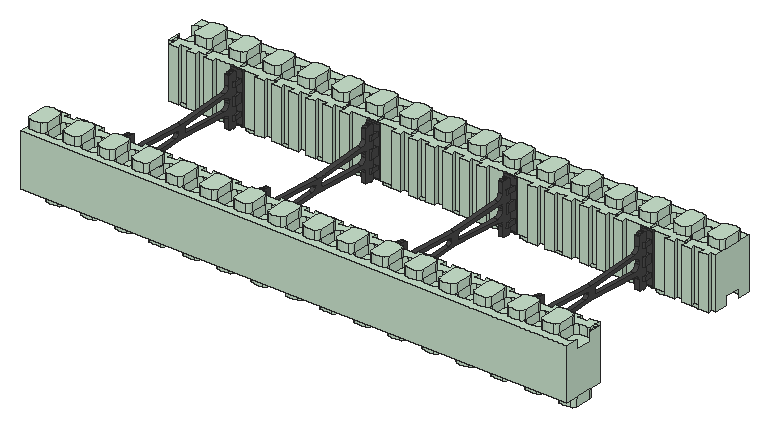
Revit family
Reference planes
  plane 1 "Center (Front/Back)": y = 0
  plane 2: z = 0
  plane 3 "Center (Left/Right)": x = 0
Forms (mm)
  Extrusion 1, solid, material "NUDURA Expanded Polystyrene Foam Insulation"
    sketch origin (0, 0.213, 0) x (1, 0, 0) y (0, 1, 0)
      loop
        line (0, 60.325) -> (0, 0) -> (812.8, 0) -> (812.8, 60.325) -> (805.658, 60.325) -> (807.242, 66.675) -> (792.958, 66.675) -> (794.542, 60.325) -> (780.258, 60.325) -> (781.842, 66.675) -> (767.558, 66.675) -> (769.142, 60.325) -> (754.858, 60.325) -> (756.442, 66.675) -> (742.158, 66.675) -> (743.742, 60.325) -> (678.658, 60.325) -> (680.242, 66.675) -> (665.958, 66.675) -> (667.542, 60.325) -> (653.258, 60.325) -> (654.842, 66.675) -> (640.558, 66.675) -> (642.142, 60.325) -> (627.858, 60.325) -> (629.442, 66.675) -> (615.158, 66.675) -> (616.742, 60.325) -> (602.458, 60.325) -> (604.042, 66.675) -> (589.758, 66.675) -> (591.342, 60.325) -> (577.058, 60.325) -> (578.642, 66.675) -> (564.358, 66.675) -> (565.942, 60.325) -> (551.658, 60.325) -> (553.242, 66.675) -> (538.958, 66.675) -> (540.542, 60.325) -> (475.458, 60.325) -> (477.042, 66.675) -> (462.758, 66.675) -> (464.342, 60.325) -> (450.058, 60.325) -> (451.642, 66.675) -> (437.358, 66.675) -> (438.942, 60.325) -> (424.658, 60.325) -> (426.242, 66.675) -> (411.958, 66.675) -> (413.542, 60.325) -> (399.258, 60.325) -> (400.842, 66.675) -> (386.558, 66.675) -> (388.142, 60.325) -> (373.858, 60.325) -> (375.442, 66.675) -> (361.158, 66.675) -> (362.742, 60.325) -> (348.458, 60.325) -> (350.042, 66.675) -> (335.758, 66.675) -> (337.342, 60.325) -> (272.258, 60.325) -> (273.842, 66.675) -> (259.558, 66.675) -> (261.142, 60.325) -> (246.858, 60.325) -> (248.442, 66.675) -> (234.158, 66.675) -> (235.742, 60.325) -> (221.458, 60.325) -> (223.042, 66.675) -> (208.758, 66.675) -> (210.342, 60.325) -> (196.058, 60.325) -> (197.642, 66.675) -> (183.358, 66.675) -> (184.942, 60.325) -> (170.658, 60.325) -> (172.242, 66.675) -> (157.958, 66.675) -> (159.542, 60.325) -> (145.258, 60.325) -> (146.842, 66.675) -> (132.558, 66.675) -> (134.142, 60.325) -> (69.058, 60.325) -> (70.642, 66.675) -> (56.358, 66.675) -> (57.942, 60.325) -> (43.658, 60.325) -> (45.242, 66.675) -> (30.958, 66.675) -> (32.542, 60.325) -> (18.258, 60.325) -> (19.842, 66.675) -> (5.558, 66.675) -> (7.142, 60.325) -> (0, 60.325)
      loop
        line (0, 276.225) -> (7.142, 276.225) -> (5.558, 269.875) -> (19.842, 269.875) -> (18.258, 276.225) -> (32.542, 276.225) -> (30.958, 269.875) -> (45.242, 269.875) -> (43.658, 276.225) -> (57.942, 276.225) -> (56.358, 269.875) -> (70.642, 269.875) -> (69.058, 276.225) -> (134.142, 276.225) -> (132.558, 269.875) -> (146.842, 269.875) -> (145.258, 276.225) -> (159.542, 276.225) -> (157.958, 269.875) -> (172.242, 269.875) -> (170.658, 276.225) -> (184.942, 276.225) -> (183.358, 269.875) -> (197.642, 269.875) -> (196.058, 276.225) -> (210.342, 276.225) -> (208.758, 269.875) -> (223.042, 269.875) -> (221.458, 276.225) -> (235.742, 276.225) -> (234.158, 269.875) -> (248.442, 269.875) -> (246.858, 276.225) -> (261.142, 276.225) -> (259.558, 269.875) -> (273.842, 269.875) -> (272.258, 276.225) -> (337.342, 276.225) -> (335.758, 269.875) -> (350.042, 269.875) -> (348.458, 276.225) -> (362.742, 276.225) -> (361.158, 269.875) -> (375.442, 269.875) -> (373.858, 276.225) -> (388.142, 276.225) -> (386.558, 269.875) -> (400.842, 269.875) -> (399.258, 276.225) -> (413.542, 276.225) -> (411.958, 269.875) -> (426.242, 269.875) -> (424.658, 276.225) -> (438.942, 276.225) -> (437.358, 269.875) -> (451.642, 269.875) -> (450.058, 276.225) -> (464.342, 276.225) -> (462.758, 269.875) -> (477.042, 269.875) -> (475.458, 276.225) -> (540.542, 276.225) -> (538.958, 269.875) -> (553.242, 269.875) -> (551.658, 276.225) -> (565.942, 276.225) -> (564.358, 269.875) -> (578.642, 269.875) -> (577.058, 276.225) -> (591.342, 276.225) -> (589.758, 269.875) -> (604.042, 269.875) -> (602.458, 276.225) -> (616.742, 276.225) -> (615.158, 269.875) -> (629.442, 269.875) -> (627.858, 276.225) -> (642.142, 276.225) -> (640.558, 269.875) -> (654.842, 269.875) -> (653.258, 276.225) -> (667.542, 276.225) -> (665.958, 269.875) -> (680.242, 269.875) -> (678.658, 276.225) -> (743.742, 276.225) -> (742.158, 269.875) -> (756.442, 269.875) -> (754.858, 276.225) -> (769.142, 276.225) -> (767.558, 269.875) -> (781.842, 269.875) -> (780.258, 276.225) -> (794.542, 276.225) -> (792.958, 269.875) -> (807.242, 269.875) -> (805.658, 276.225) -> (812.8, 276.225) -> (812.8, 336.55) -> (0, 336.55) -> (0, 276.225)
    from 0 to 76.2
  Extrusion 2, void
    sketch origin (0, 0.213, 0) x (1, 0, 0) y (0, 1, 0)
      loop
        line (44.346, 56.046) -> (44.346, 50.418)
        arc (44.346, 50.418) -> (43.786, 49.207) -> (42.5, 48.851) r 1.587
        arc (42.5, 48.851) -> (36.091, 49.138) -> (29.796, 47.903) r 26.987
        arc (29.796, 47.903) -> (26.615, 45.597) -> (25.4, 41.861) r 6.35
        line (25.4, 41.861) -> (25.4, 18.464)
        arc (25.4, 18.464) -> (26.615, 14.728) -> (29.796, 12.422) r 6.35
        arc (29.796, 12.422) -> (38.1, 11.112) -> (46.404, 12.422) r 26.987
        arc (46.404, 12.422) -> (49.585, 14.728) -> (50.8, 18.464) r 6.35
        line (50.8, 18.464) -> (50.8, 41.861)
        arc (50.8, 41.861) -> (50.362, 44.179) -> (49.108, 46.177) r 6.35
        arc (49.108, 46.177) -> (48.795, 46.676) -> (48.685, 47.255) r 1.588
        line (48.685, 47.255) -> (48.685, 56.046) -> (44.346, 56.046)
    from 76.2 to 63.5
  Extrusion 3, void
    sketch origin (50.8, 0.213, 0) x (1, 0, 0) y (0, 1, 0)
      loop
        line (44.346, 56.046) -> (44.346, 50.418)
        arc (44.346, 50.418) -> (43.786, 49.207) -> (42.5, 48.851) r 1.587
        arc (42.5, 48.851) -> (36.091, 49.138) -> (29.796, 47.903) r 26.987
        arc (29.796, 47.903) -> (26.615, 45.597) -> (25.4, 41.861) r 6.35
        line (25.4, 41.861) -> (25.4, 18.464)
        arc (25.4, 18.464) -> (26.615, 14.728) -> (29.796, 12.422) r 6.35
        arc (29.796, 12.422) -> (38.1, 11.112) -> (46.404, 12.422) r 26.987
        arc (46.404, 12.422) -> (49.585, 14.728) -> (50.8, 18.464) r 6.35
        line (50.8, 18.464) -> (50.8, 41.861)
        arc (50.8, 41.861) -> (50.362, 44.179) -> (49.108, 46.177) r 6.35
        arc (49.108, 46.177) -> (48.795, 46.676) -> (48.685, 47.255) r 1.588
        line (48.685, 47.255) -> (48.685, 56.046) -> (44.346, 56.046)
    from 76.2 to 63.5
  Extrusion 4, void
    sketch origin (101.6, 0.213, 0) x (1, 0, 0) y (0, 1, 0)
      loop
        line (44.346, 56.046) -> (44.346, 50.418)
        arc (44.346, 50.418) -> (43.786, 49.207) -> (42.5, 48.851) r 1.587
        arc (42.5, 48.851) -> (36.091, 49.138) -> (29.796, 47.903) r 26.987
        arc (29.796, 47.903) -> (26.615, 45.597) -> (25.4, 41.861) r 6.35
        line (25.4, 41.861) -> (25.4, 18.464)
        arc (25.4, 18.464) -> (26.615, 14.728) -> (29.796, 12.422) r 6.35
        arc (29.796, 12.422) -> (38.1, 11.112) -> (46.404, 12.422) r 26.987
        arc (46.404, 12.422) -> (49.585, 14.728) -> (50.8, 18.464) r 6.35
        line (50.8, 18.464) -> (50.8, 41.861)
        arc (50.8, 41.861) -> (50.362, 44.179) -> (49.108, 46.177) r 6.35
        arc (49.108, 46.177) -> (48.795, 46.676) -> (48.685, 47.255) r 1.588
        line (48.685, 47.255) -> (48.685, 56.046) -> (44.346, 56.046)
    from 76.2 to 63.5
  Extrusion 5, void
    sketch origin (152.4, 0.213, 0) x (1, 0, 0) y (0, 1, 0)
      loop
        line (44.346, 56.046) -> (44.346, 50.418)
        arc (44.346, 50.418) -> (43.786, 49.207) -> (42.5, 48.851) r 1.587
        arc (42.5, 48.851) -> (36.091, 49.138) -> (29.796, 47.903) r 26.987
        arc (29.796, 47.903) -> (26.615, 45.597) -> (25.4, 41.861) r 6.35
        line (25.4, 41.861) -> (25.4, 18.464)
        arc (25.4, 18.464) -> (26.615, 14.728) -> (29.796, 12.422) r 6.35
        arc (29.796, 12.422) -> (38.1, 11.112) -> (46.404, 12.422) r 26.987
        arc (46.404, 12.422) -> (49.585, 14.728) -> (50.8, 18.464) r 6.35
        line (50.8, 18.464) -> (50.8, 41.861)
        arc (50.8, 41.861) -> (50.362, 44.179) -> (49.108, 46.177) r 6.35
        arc (49.108, 46.177) -> (48.795, 46.676) -> (48.685, 47.255) r 1.588
        line (48.685, 47.255) -> (48.685, 56.046) -> (44.346, 56.046)
    from 76.2 to 63.5
  Extrusion 6, void
    sketch origin (203.2, 0.213, 0) x (1, 0, 0) y (0, 1, 0)
      loop
        line (44.346, 56.046) -> (44.346, 50.418)
        arc (44.346, 50.418) -> (43.786, 49.207) -> (42.5, 48.851) r 1.587
        arc (42.5, 48.851) -> (36.091, 49.138) -> (29.796, 47.903) r 26.987
        arc (29.796, 47.903) -> (26.615, 45.597) -> (25.4, 41.861) r 6.35
        line (25.4, 41.861) -> (25.4, 18.464)
        arc (25.4, 18.464) -> (26.615, 14.728) -> (29.796, 12.422) r 6.35
        arc (29.796, 12.422) -> (38.1, 11.112) -> (46.404, 12.422) r 26.987
        arc (46.404, 12.422) -> (49.585, 14.728) -> (50.8, 18.464) r 6.35
        line (50.8, 18.464) -> (50.8, 41.861)
        arc (50.8, 41.861) -> (50.362, 44.179) -> (49.108, 46.177) r 6.35
        arc (49.108, 46.177) -> (48.795, 46.676) -> (48.685, 47.255) r 1.588
        line (48.685, 47.255) -> (48.685, 56.046) -> (44.346, 56.046)
    from 76.2 to 63.5
  Extrusion 7, void
    sketch origin (254, 0.213, 0) x (1, 0, 0) y (0, 1, 0)
      loop
        line (44.346, 56.046) -> (44.346, 50.418)
        arc (44.346, 50.418) -> (43.786, 49.207) -> (42.5, 48.851) r 1.587
        arc (42.5, 48.851) -> (36.091, 49.138) -> (29.796, 47.903) r 26.987
        arc (29.796, 47.903) -> (26.615, 45.597) -> (25.4, 41.861) r 6.35
        line (25.4, 41.861) -> (25.4, 18.464)
        arc (25.4, 18.464) -> (26.615, 14.728) -> (29.796, 12.422) r 6.35
        arc (29.796, 12.422) -> (38.1, 11.112) -> (46.404, 12.422) r 26.987
        arc (46.404, 12.422) -> (49.585, 14.728) -> (50.8, 18.464) r 6.35
        line (50.8, 18.464) -> (50.8, 41.861)
        arc (50.8, 41.861) -> (50.362, 44.179) -> (49.108, 46.177) r 6.35
        arc (49.108, 46.177) -> (48.795, 46.676) -> (48.685, 47.255) r 1.588
        line (48.685, 47.255) -> (48.685, 56.046) -> (44.346, 56.046)
    from 76.2 to 63.5
  Extrusion 8, void
    sketch origin (304.8, 0.213, 0) x (1, 0, 0) y (0, 1, 0)
      loop
        line (44.346, 56.046) -> (44.346, 50.418)
        arc (44.346, 50.418) -> (43.786, 49.207) -> (42.5, 48.851) r 1.587
        arc (42.5, 48.851) -> (36.091, 49.138) -> (29.796, 47.903) r 26.987
        arc (29.796, 47.903) -> (26.615, 45.597) -> (25.4, 41.861) r 6.35
        line (25.4, 41.861) -> (25.4, 18.464)
        arc (25.4, 18.464) -> (26.615, 14.728) -> (29.796, 12.422) r 6.35
        arc (29.796, 12.422) -> (38.1, 11.112) -> (46.404, 12.422) r 26.987
        arc (46.404, 12.422) -> (49.585, 14.728) -> (50.8, 18.464) r 6.35
        line (50.8, 18.464) -> (50.8, 41.861)
        arc (50.8, 41.861) -> (50.362, 44.179) -> (49.108, 46.177) r 6.35
        arc (49.108, 46.177) -> (48.795, 46.676) -> (48.685, 47.255) r 1.588
        line (48.685, 47.255) -> (48.685, 56.046) -> (44.346, 56.046)
    from 76.2 to 63.5
  Extrusion 9, void
    sketch origin (355.6, 0.213, 0) x (1, 0, 0) y (0, 1, 0)
      loop
        line (44.346, 56.046) -> (44.346, 50.418)
        arc (44.346, 50.418) -> (43.786, 49.207) -> (42.5, 48.851) r 1.587
        arc (42.5, 48.851) -> (36.091, 49.138) -> (29.796, 47.903) r 26.987
        arc (29.796, 47.903) -> (26.615, 45.597) -> (25.4, 41.861) r 6.35
        line (25.4, 41.861) -> (25.4, 18.464)
        arc (25.4, 18.464) -> (26.615, 14.728) -> (29.796, 12.422) r 6.35
        arc (29.796, 12.422) -> (38.1, 11.112) -> (46.404, 12.422) r 26.987
        arc (46.404, 12.422) -> (49.585, 14.728) -> (50.8, 18.464) r 6.35
        line (50.8, 18.464) -> (50.8, 41.861)
        arc (50.8, 41.861) -> (50.362, 44.179) -> (49.108, 46.177) r 6.35
        arc (49.108, 46.177) -> (48.795, 46.676) -> (48.685, 47.255) r 1.588
        line (48.685, 47.255) -> (48.685, 56.046) -> (44.346, 56.046)
    from 76.2 to 63.5
  Extrusion 10, void
    sketch origin (406.4, 0.213, 0) x (1, 0, 0) y (0, 1, 0)
      loop
        line (44.346, 56.046) -> (44.346, 50.418)
        arc (44.346, 50.418) -> (43.786, 49.207) -> (42.5, 48.851) r 1.587
        arc (42.5, 48.851) -> (36.091, 49.138) -> (29.796, 47.903) r 26.987
        arc (29.796, 47.903) -> (26.615, 45.597) -> (25.4, 41.861) r 6.35
        line (25.4, 41.861) -> (25.4, 18.464)
        arc (25.4, 18.464) -> (26.615, 14.728) -> (29.796, 12.422) r 6.35
        arc (29.796, 12.422) -> (38.1, 11.112) -> (46.404, 12.422) r 26.987
        arc (46.404, 12.422) -> (49.585, 14.728) -> (50.8, 18.464) r 6.35
        line (50.8, 18.464) -> (50.8, 41.861)
        arc (50.8, 41.861) -> (50.362, 44.179) -> (49.108, 46.177) r 6.35
        arc (49.108, 46.177) -> (48.795, 46.676) -> (48.685, 47.255) r 1.588
        line (48.685, 47.255) -> (48.685, 56.046) -> (44.346, 56.046)
    from 76.2 to 63.5
  Extrusion 11, void
    sketch origin (457.2, 0.213, 0) x (1, 0, 0) y (0, 1, 0)
      loop
        line (44.346, 56.046) -> (44.346, 50.418)
        arc (44.346, 50.418) -> (43.786, 49.207) -> (42.5, 48.851) r 1.587
        arc (42.5, 48.851) -> (36.091, 49.138) -> (29.796, 47.903) r 26.987
        arc (29.796, 47.903) -> (26.615, 45.597) -> (25.4, 41.861) r 6.35
        line (25.4, 41.861) -> (25.4, 18.464)
        arc (25.4, 18.464) -> (26.615, 14.728) -> (29.796, 12.422) r 6.35
        arc (29.796, 12.422) -> (38.1, 11.112) -> (46.404, 12.422) r 26.987
        arc (46.404, 12.422) -> (49.585, 14.728) -> (50.8, 18.464) r 6.35
        line (50.8, 18.464) -> (50.8, 41.861)
        arc (50.8, 41.861) -> (50.362, 44.179) -> (49.108, 46.177) r 6.35
        arc (49.108, 46.177) -> (48.795, 46.676) -> (48.685, 47.255) r 1.588
        line (48.685, 47.255) -> (48.685, 56.046) -> (44.346, 56.046)
    from 76.2 to 63.5
  Extrusion 12, void
    sketch origin (508, 0.213, 0) x (1, 0, 0) y (0, 1, 0)
      loop
        line (44.346, 56.046) -> (44.346, 50.418)
        arc (44.346, 50.418) -> (43.786, 49.207) -> (42.5, 48.851) r 1.587
        arc (42.5, 48.851) -> (36.091, 49.138) -> (29.796, 47.903) r 26.987
        arc (29.796, 47.903) -> (26.615, 45.597) -> (25.4, 41.861) r 6.35
        line (25.4, 41.861) -> (25.4, 18.464)
        arc (25.4, 18.464) -> (26.615, 14.728) -> (29.796, 12.422) r 6.35
        arc (29.796, 12.422) -> (38.1, 11.112) -> (46.404, 12.422) r 26.987
        arc (46.404, 12.422) -> (49.585, 14.728) -> (50.8, 18.464) r 6.35
        line (50.8, 18.464) -> (50.8, 41.861)
        arc (50.8, 41.861) -> (50.362, 44.179) -> (49.108, 46.177) r 6.35
        arc (49.108, 46.177) -> (48.795, 46.676) -> (48.685, 47.255) r 1.588
        line (48.685, 47.255) -> (48.685, 56.046) -> (44.346, 56.046)
    from 76.2 to 63.5
  Extrusion 13, void
    sketch origin (558.8, 0.213, 0) x (1, 0, 0) y (0, 1, 0)
      loop
        line (44.346, 56.046) -> (44.346, 50.418)
        arc (44.346, 50.418) -> (43.786, 49.207) -> (42.5, 48.851) r 1.587
        arc (42.5, 48.851) -> (36.091, 49.138) -> (29.796, 47.903) r 26.987
        arc (29.796, 47.903) -> (26.615, 45.597) -> (25.4, 41.861) r 6.35
        line (25.4, 41.861) -> (25.4, 18.464)
        arc (25.4, 18.464) -> (26.615, 14.728) -> (29.796, 12.422) r 6.35
        arc (29.796, 12.422) -> (38.1, 11.112) -> (46.404, 12.422) r 26.987
        arc (46.404, 12.422) -> (49.585, 14.728) -> (50.8, 18.464) r 6.35
        line (50.8, 18.464) -> (50.8, 41.861)
        arc (50.8, 41.861) -> (50.362, 44.179) -> (49.108, 46.177) r 6.35
        arc (49.108, 46.177) -> (48.795, 46.676) -> (48.685, 47.255) r 1.588
        line (48.685, 47.255) -> (48.685, 56.046) -> (44.346, 56.046)
    from 76.2 to 63.5
  Extrusion 14, void
    sketch origin (609.6, 0.213, 0) x (1, 0, 0) y (0, 1, 0)
      loop
        line (44.346, 56.046) -> (44.346, 50.418)
        arc (44.346, 50.418) -> (43.786, 49.207) -> (42.5, 48.851) r 1.587
        arc (42.5, 48.851) -> (36.091, 49.138) -> (29.796, 47.903) r 26.987
        arc (29.796, 47.903) -> (26.615, 45.597) -> (25.4, 41.861) r 6.35
        line (25.4, 41.861) -> (25.4, 18.464)
        arc (25.4, 18.464) -> (26.615, 14.728) -> (29.796, 12.422) r 6.35
        arc (29.796, 12.422) -> (38.1, 11.112) -> (46.404, 12.422) r 26.987
        arc (46.404, 12.422) -> (49.585, 14.728) -> (50.8, 18.464) r 6.35
        line (50.8, 18.464) -> (50.8, 41.861)
        arc (50.8, 41.861) -> (50.362, 44.179) -> (49.108, 46.177) r 6.35
        arc (49.108, 46.177) -> (48.795, 46.676) -> (48.685, 47.255) r 1.588
        line (48.685, 47.255) -> (48.685, 56.046) -> (44.346, 56.046)
    from 76.2 to 63.5
  Extrusion 15, void
    sketch origin (660.4, 0.213, 0) x (1, 0, 0) y (0, 1, 0)
      loop
        line (44.346, 56.046) -> (44.346, 50.418)
        arc (44.346, 50.418) -> (43.786, 49.207) -> (42.5, 48.851) r 1.587
        arc (42.5, 48.851) -> (36.091, 49.138) -> (29.796, 47.903) r 26.987
        arc (29.796, 47.903) -> (26.615, 45.597) -> (25.4, 41.861) r 6.35
        line (25.4, 41.861) -> (25.4, 18.464)
        arc (25.4, 18.464) -> (26.615, 14.728) -> (29.796, 12.422) r 6.35
        arc (29.796, 12.422) -> (38.1, 11.112) -> (46.404, 12.422) r 26.987
        arc (46.404, 12.422) -> (49.585, 14.728) -> (50.8, 18.464) r 6.35
        line (50.8, 18.464) -> (50.8, 41.861)
        arc (50.8, 41.861) -> (50.362, 44.179) -> (49.108, 46.177) r 6.35
        arc (49.108, 46.177) -> (48.795, 46.676) -> (48.685, 47.255) r 1.588
        line (48.685, 47.255) -> (48.685, 56.046) -> (44.346, 56.046)
    from 76.2 to 63.5
  Extrusion 16, void
    sketch origin (711.2, 0.213, 0) x (1, 0, 0) y (0, 1, 0)
      loop
        line (44.346, 56.046) -> (44.346, 50.418)
        arc (44.346, 50.418) -> (43.786, 49.207) -> (42.5, 48.851) r 1.587
        arc (42.5, 48.851) -> (36.091, 49.138) -> (29.796, 47.903) r 26.987
        arc (29.796, 47.903) -> (26.615, 45.597) -> (25.4, 41.861) r 6.35
        line (25.4, 41.861) -> (25.4, 18.464)
        arc (25.4, 18.464) -> (26.615, 14.728) -> (29.796, 12.422) r 6.35
        arc (29.796, 12.422) -> (38.1, 11.112) -> (46.404, 12.422) r 26.987
        arc (46.404, 12.422) -> (49.585, 14.728) -> (50.8, 18.464) r 6.35
        line (50.8, 18.464) -> (50.8, 41.861)
        arc (50.8, 41.861) -> (50.362, 44.179) -> (49.108, 46.177) r 6.35
        arc (49.108, 46.177) -> (48.795, 46.676) -> (48.685, 47.255) r 1.588
        line (48.685, 47.255) -> (48.685, 56.046) -> (44.346, 56.046)
    from 76.2 to 63.5
  Extrusion 17, void
    sketch origin (762, 0.213, 0) x (1, 0, 0) y (0, 1, 0)
      loop
        line (44.346, 56.046) -> (44.346, 50.418)
        arc (44.346, 50.418) -> (43.786, 49.207) -> (42.5, 48.851) r 1.587
        arc (42.5, 48.851) -> (36.091, 49.138) -> (29.796, 47.903) r 26.987
        arc (29.796, 47.903) -> (26.615, 45.597) -> (25.4, 41.861) r 6.35
        line (25.4, 41.861) -> (25.4, 18.464)
        arc (25.4, 18.464) -> (26.615, 14.728) -> (29.796, 12.422) r 6.35
        arc (29.796, 12.422) -> (38.1, 11.112) -> (46.404, 12.422) r 26.987
        arc (46.404, 12.422) -> (49.585, 14.728) -> (50.8, 18.464) r 6.35
        line (50.8, 18.464) -> (50.8, 41.861)
        arc (50.8, 41.861) -> (50.362, 44.179) -> (49.108, 46.177) r 6.35
        arc (49.108, 46.177) -> (48.795, 46.676) -> (48.685, 47.255) r 1.588
        line (48.685, 47.255) -> (48.685, 56.046) -> (44.346, 56.046)
    from 76.2 to 63.5
  Extrusion 18, void
    sketch origin (0, 0.213, 0) x (1, 0, 0) y (0, 1, 0)
      loop
        line (6.454, 56.046) -> (2.115, 56.046) -> (2.115, 47.255)
        arc (2.115, 47.255) -> (2.005, 46.676) -> (1.692, 46.177) r 1.588
        arc (1.692, 46.177) -> (0.438, 44.179) -> (0, 41.861) r 6.35
        line (0, 41.861) -> (0, 18.464)
        arc (0, 18.464) -> (1.215, 14.728) -> (4.396, 12.422) r 6.35
        arc (4.396, 12.422) -> (12.7, 11.112) -> (21.004, 12.422) r 26.987
        arc (21.004, 12.422) -> (24.185, 14.728) -> (25.4, 18.464) r 6.35
        line (25.4, 18.464) -> (25.4, 41.861)
        arc (25.4, 41.861) -> (24.185, 45.597) -> (21.004, 47.903) r 6.35
        arc (21.004, 47.903) -> (14.709, 49.138) -> (8.3, 48.851) r 26.987
        arc (8.3, 48.851) -> (7.014, 49.207) -> (6.454, 50.418) r 1.587
        line (6.454, 50.418) -> (6.454, 56.046)
    from 0 to 12.7
  Extrusion 19, void
    sketch origin (50.8, 0.213, 0) x (1, 0, 0) y (0, 1, 0)
      loop
        line (6.454, 56.046) -> (2.115, 56.046) -> (2.115, 47.255)
        arc (2.115, 47.255) -> (2.005, 46.676) -> (1.692, 46.177) r 1.588
        arc (1.692, 46.177) -> (0.438, 44.179) -> (0, 41.861) r 6.35
        line (0, 41.861) -> (0, 18.464)
        arc (0, 18.464) -> (1.215, 14.728) -> (4.396, 12.422) r 6.35
        arc (4.396, 12.422) -> (12.7, 11.112) -> (21.004, 12.422) r 26.987
        arc (21.004, 12.422) -> (24.185, 14.728) -> (25.4, 18.464) r 6.35
        line (25.4, 18.464) -> (25.4, 41.861)
        arc (25.4, 41.861) -> (24.185, 45.597) -> (21.004, 47.903) r 6.35
        arc (21.004, 47.903) -> (14.709, 49.138) -> (8.3, 48.851) r 26.987
        arc (8.3, 48.851) -> (7.014, 49.207) -> (6.454, 50.418) r 1.587
        line (6.454, 50.418) -> (6.454, 56.046)
    from 0 to 12.7
  Extrusion 20, void
    sketch origin (101.6, 0.213, 0) x (1, 0, 0) y (0, 1, 0)
      loop
        line (6.454, 56.046) -> (2.115, 56.046) -> (2.115, 47.255)
        arc (2.115, 47.255) -> (2.005, 46.676) -> (1.692, 46.177) r 1.588
        arc (1.692, 46.177) -> (0.438, 44.179) -> (0, 41.861) r 6.35
        line (0, 41.861) -> (0, 18.464)
        arc (0, 18.464) -> (1.215, 14.728) -> (4.396, 12.422) r 6.35
        arc (4.396, 12.422) -> (12.7, 11.112) -> (21.004, 12.422) r 26.987
        arc (21.004, 12.422) -> (24.185, 14.728) -> (25.4, 18.464) r 6.35
        line (25.4, 18.464) -> (25.4, 41.861)
        arc (25.4, 41.861) -> (24.185, 45.597) -> (21.004, 47.903) r 6.35
        arc (21.004, 47.903) -> (14.709, 49.138) -> (8.3, 48.851) r 26.987
        arc (8.3, 48.851) -> (7.014, 49.207) -> (6.454, 50.418) r 1.587
        line (6.454, 50.418) -> (6.454, 56.046)
    from 0 to 12.7
  Extrusion 21, void
    sketch origin (152.4, 0.213, 0) x (1, 0, 0) y (0, 1, 0)
      loop
        line (6.454, 56.046) -> (2.115, 56.046) -> (2.115, 47.255)
        arc (2.115, 47.255) -> (2.005, 46.676) -> (1.692, 46.177) r 1.588
        arc (1.692, 46.177) -> (0.438, 44.179) -> (0, 41.861) r 6.35
        line (0, 41.861) -> (0, 18.464)
        arc (0, 18.464) -> (1.215, 14.728) -> (4.396, 12.422) r 6.35
        arc (4.396, 12.422) -> (12.7, 11.112) -> (21.004, 12.422) r 26.987
        arc (21.004, 12.422) -> (24.185, 14.728) -> (25.4, 18.464) r 6.35
        line (25.4, 18.464) -> (25.4, 41.861)
        arc (25.4, 41.861) -> (24.185, 45.597) -> (21.004, 47.903) r 6.35
        arc (21.004, 47.903) -> (14.709, 49.138) -> (8.3, 48.851) r 26.987
        arc (8.3, 48.851) -> (7.014, 49.207) -> (6.454, 50.418) r 1.587
        line (6.454, 50.418) -> (6.454, 56.046)
    from 0 to 12.7
  Extrusion 22, void
    sketch origin (203.2, 0.213, 0) x (1, 0, 0) y (0, 1, 0)
      loop
        line (6.454, 56.046) -> (2.115, 56.046) -> (2.115, 47.255)
        arc (2.115, 47.255) -> (2.005, 46.676) -> (1.692, 46.177) r 1.588
        arc (1.692, 46.177) -> (0.438, 44.179) -> (0, 41.861) r 6.35
        line (0, 41.861) -> (0, 18.464)
        arc (0, 18.464) -> (1.215, 14.728) -> (4.396, 12.422) r 6.35
        arc (4.396, 12.422) -> (12.7, 11.112) -> (21.004, 12.422) r 26.987
        arc (21.004, 12.422) -> (24.185, 14.728) -> (25.4, 18.464) r 6.35
        line (25.4, 18.464) -> (25.4, 41.861)
        arc (25.4, 41.861) -> (24.185, 45.597) -> (21.004, 47.903) r 6.35
        arc (21.004, 47.903) -> (14.709, 49.138) -> (8.3, 48.851) r 26.987
        arc (8.3, 48.851) -> (7.014, 49.207) -> (6.454, 50.418) r 1.587
        line (6.454, 50.418) -> (6.454, 56.046)
    from 0 to 12.7
  Extrusion 23, void
    sketch origin (254, 0.213, 0) x (1, 0, 0) y (0, 1, 0)
      loop
        line (6.454, 56.046) -> (2.115, 56.046) -> (2.115, 47.255)
        arc (2.115, 47.255) -> (2.005, 46.676) -> (1.692, 46.177) r 1.588
        arc (1.692, 46.177) -> (0.438, 44.179) -> (0, 41.861) r 6.35
        line (0, 41.861) -> (0, 18.464)
        arc (0, 18.464) -> (1.215, 14.728) -> (4.396, 12.422) r 6.35
        arc (4.396, 12.422) -> (12.7, 11.112) -> (21.004, 12.422) r 26.987
        arc (21.004, 12.422) -> (24.185, 14.728) -> (25.4, 18.464) r 6.35
        line (25.4, 18.464) -> (25.4, 41.861)
        arc (25.4, 41.861) -> (24.185, 45.597) -> (21.004, 47.903) r 6.35
        arc (21.004, 47.903) -> (14.709, 49.138) -> (8.3, 48.851) r 26.987
        arc (8.3, 48.851) -> (7.014, 49.207) -> (6.454, 50.418) r 1.587
        line (6.454, 50.418) -> (6.454, 56.046)
    from 0 to 12.7
  Extrusion 24, void
    sketch origin (304.8, 0.213, 0) x (1, 0, 0) y (0, 1, 0)
      loop
        line (6.454, 56.046) -> (2.115, 56.046) -> (2.115, 47.255)
        arc (2.115, 47.255) -> (2.005, 46.676) -> (1.692, 46.177) r 1.588
        arc (1.692, 46.177) -> (0.438, 44.179) -> (0, 41.861) r 6.35
        line (0, 41.861) -> (0, 18.464)
        arc (0, 18.464) -> (1.215, 14.728) -> (4.396, 12.422) r 6.35
        arc (4.396, 12.422) -> (12.7, 11.112) -> (21.004, 12.422) r 26.987
        arc (21.004, 12.422) -> (24.185, 14.728) -> (25.4, 18.464) r 6.35
        line (25.4, 18.464) -> (25.4, 41.861)
        arc (25.4, 41.861) -> (24.185, 45.597) -> (21.004, 47.903) r 6.35
        arc (21.004, 47.903) -> (14.709, 49.138) -> (8.3, 48.851) r 26.987
        arc (8.3, 48.851) -> (7.014, 49.207) -> (6.454, 50.418) r 1.587
        line (6.454, 50.418) -> (6.454, 56.046)
    from 0 to 12.7
  Extrusion 25, void
    sketch origin (355.6, 0.213, 0) x (1, 0, 0) y (0, 1, 0)
      loop
        line (6.454, 56.046) -> (2.115, 56.046) -> (2.115, 47.255)
        arc (2.115, 47.255) -> (2.005, 46.676) -> (1.692, 46.177) r 1.588
        arc (1.692, 46.177) -> (0.438, 44.179) -> (0, 41.861) r 6.35
        line (0, 41.861) -> (0, 18.464)
        arc (0, 18.464) -> (1.215, 14.728) -> (4.396, 12.422) r 6.35
        arc (4.396, 12.422) -> (12.7, 11.112) -> (21.004, 12.422) r 26.987
        arc (21.004, 12.422) -> (24.185, 14.728) -> (25.4, 18.464) r 6.35
        line (25.4, 18.464) -> (25.4, 41.861)
        arc (25.4, 41.861) -> (24.185, 45.597) -> (21.004, 47.903) r 6.35
        arc (21.004, 47.903) -> (14.709, 49.138) -> (8.3, 48.851) r 26.987
        arc (8.3, 48.851) -> (7.014, 49.207) -> (6.454, 50.418) r 1.587
        line (6.454, 50.418) -> (6.454, 56.046)
    from 0 to 12.7
  Extrusion 26, void
    sketch origin (406.4, 0.213, 0) x (1, 0, 0) y (0, 1, 0)
      loop
        line (6.454, 56.046) -> (2.115, 56.046) -> (2.115, 47.255)
        arc (2.115, 47.255) -> (2.005, 46.676) -> (1.692, 46.177) r 1.588
        arc (1.692, 46.177) -> (0.438, 44.179) -> (0, 41.861) r 6.35
        line (0, 41.861) -> (0, 18.464)
        arc (0, 18.464) -> (1.215, 14.728) -> (4.396, 12.422) r 6.35
        arc (4.396, 12.422) -> (12.7, 11.112) -> (21.004, 12.422) r 26.987
        arc (21.004, 12.422) -> (24.185, 14.728) -> (25.4, 18.464) r 6.35
        line (25.4, 18.464) -> (25.4, 41.861)
        arc (25.4, 41.861) -> (24.185, 45.597) -> (21.004, 47.903) r 6.35
        arc (21.004, 47.903) -> (14.709, 49.138) -> (8.3, 48.851) r 26.987
        arc (8.3, 48.851) -> (7.014, 49.207) -> (6.454, 50.418) r 1.587
        line (6.454, 50.418) -> (6.454, 56.046)
    from 0 to 12.7
  Extrusion 27, void
    sketch origin (457.2, 0.213, 0) x (1, 0, 0) y (0, 1, 0)
      loop
        line (6.454, 56.046) -> (2.115, 56.046) -> (2.115, 47.255)
        arc (2.115, 47.255) -> (2.005, 46.676) -> (1.692, 46.177) r 1.588
        arc (1.692, 46.177) -> (0.438, 44.179) -> (0, 41.861) r 6.35
        line (0, 41.861) -> (0, 18.464)
        arc (0, 18.464) -> (1.215, 14.728) -> (4.396, 12.422) r 6.35
        arc (4.396, 12.422) -> (12.7, 11.112) -> (21.004, 12.422) r 26.987
        arc (21.004, 12.422) -> (24.185, 14.728) -> (25.4, 18.464) r 6.35
        line (25.4, 18.464) -> (25.4, 41.861)
        arc (25.4, 41.861) -> (24.185, 45.597) -> (21.004, 47.903) r 6.35
        arc (21.004, 47.903) -> (14.709, 49.138) -> (8.3, 48.851) r 26.987
        arc (8.3, 48.851) -> (7.014, 49.207) -> (6.454, 50.418) r 1.587
        line (6.454, 50.418) -> (6.454, 56.046)
    from 0 to 12.7
  Extrusion 28, void
    sketch origin (508, 0.213, 0) x (1, 0, 0) y (0, 1, 0)
      loop
        line (6.454, 56.046) -> (2.115, 56.046) -> (2.115, 47.255)
        arc (2.115, 47.255) -> (2.005, 46.676) -> (1.692, 46.177) r 1.588
        arc (1.692, 46.177) -> (0.438, 44.179) -> (0, 41.861) r 6.35
        line (0, 41.861) -> (0, 18.464)
        arc (0, 18.464) -> (1.215, 14.728) -> (4.396, 12.422) r 6.35
        arc (4.396, 12.422) -> (12.7, 11.112) -> (21.004, 12.422) r 26.987
        arc (21.004, 12.422) -> (24.185, 14.728) -> (25.4, 18.464) r 6.35
        line (25.4, 18.464) -> (25.4, 41.861)
        arc (25.4, 41.861) -> (24.185, 45.597) -> (21.004, 47.903) r 6.35
        arc (21.004, 47.903) -> (14.709, 49.138) -> (8.3, 48.851) r 26.987
        arc (8.3, 48.851) -> (7.014, 49.207) -> (6.454, 50.418) r 1.587
        line (6.454, 50.418) -> (6.454, 56.046)
    from 0 to 12.7
  Extrusion 29, void
    sketch origin (558.8, 0.213, 0) x (1, 0, 0) y (0, 1, 0)
      loop
        line (6.454, 56.046) -> (2.115, 56.046) -> (2.115, 47.255)
        arc (2.115, 47.255) -> (2.005, 46.676) -> (1.692, 46.177) r 1.588
        arc (1.692, 46.177) -> (0.438, 44.179) -> (0, 41.861) r 6.35
        line (0, 41.861) -> (0, 18.464)
        arc (0, 18.464) -> (1.215, 14.728) -> (4.396, 12.422) r 6.35
        arc (4.396, 12.422) -> (12.7, 11.112) -> (21.004, 12.422) r 26.987
        arc (21.004, 12.422) -> (24.185, 14.728) -> (25.4, 18.464) r 6.35
        line (25.4, 18.464) -> (25.4, 41.861)
        arc (25.4, 41.861) -> (24.185, 45.597) -> (21.004, 47.903) r 6.35
        arc (21.004, 47.903) -> (14.709, 49.138) -> (8.3, 48.851) r 26.987
        arc (8.3, 48.851) -> (7.014, 49.207) -> (6.454, 50.418) r 1.587
        line (6.454, 50.418) -> (6.454, 56.046)
    from 0 to 12.7
  Extrusion 30, void
    sketch origin (609.6, 0.213, 0) x (1, 0, 0) y (0, 1, 0)
      loop
        line (6.454, 56.046) -> (2.115, 56.046) -> (2.115, 47.255)
        arc (2.115, 47.255) -> (2.005, 46.676) -> (1.692, 46.177) r 1.588
        arc (1.692, 46.177) -> (0.438, 44.179) -> (0, 41.861) r 6.35
        line (0, 41.861) -> (0, 18.464)
        arc (0, 18.464) -> (1.215, 14.728) -> (4.396, 12.422) r 6.35
        arc (4.396, 12.422) -> (12.7, 11.112) -> (21.004, 12.422) r 26.987
        arc (21.004, 12.422) -> (24.185, 14.728) -> (25.4, 18.464) r 6.35
        line (25.4, 18.464) -> (25.4, 41.861)
        arc (25.4, 41.861) -> (24.185, 45.597) -> (21.004, 47.903) r 6.35
        arc (21.004, 47.903) -> (14.709, 49.138) -> (8.3, 48.851) r 26.987
        arc (8.3, 48.851) -> (7.014, 49.207) -> (6.454, 50.418) r 1.587
        line (6.454, 50.418) -> (6.454, 56.046)
    from 0 to 12.7
  Extrusion 31, void
    sketch origin (660.4, 0.213, 0) x (1, 0, 0) y (0, 1, 0)
      loop
        line (6.454, 56.046) -> (2.115, 56.046) -> (2.115, 47.255)
        arc (2.115, 47.255) -> (2.005, 46.676) -> (1.692, 46.177) r 1.588
        arc (1.692, 46.177) -> (0.438, 44.179) -> (0, 41.861) r 6.35
        line (0, 41.861) -> (0, 18.464)
        arc (0, 18.464) -> (1.215, 14.728) -> (4.396, 12.422) r 6.35
        arc (4.396, 12.422) -> (12.7, 11.112) -> (21.004, 12.422) r 26.987
        arc (21.004, 12.422) -> (24.185, 14.728) -> (25.4, 18.464) r 6.35
        line (25.4, 18.464) -> (25.4, 41.861)
        arc (25.4, 41.861) -> (24.185, 45.597) -> (21.004, 47.903) r 6.35
        arc (21.004, 47.903) -> (14.709, 49.138) -> (8.3, 48.851) r 26.987
        arc (8.3, 48.851) -> (7.014, 49.207) -> (6.454, 50.418) r 1.587
        line (6.454, 50.418) -> (6.454, 56.046)
    from 0 to 12.7
  Extrusion 32, void
    sketch origin (711.2, 0.213, 0) x (1, 0, 0) y (0, 1, 0)
      loop
        line (6.454, 56.046) -> (2.115, 56.046) -> (2.115, 47.255)
        arc (2.115, 47.255) -> (2.005, 46.676) -> (1.692, 46.177) r 1.588
        arc (1.692, 46.177) -> (0.438, 44.179) -> (0, 41.861) r 6.35
        line (0, 41.861) -> (0, 18.464)
        arc (0, 18.464) -> (1.215, 14.728) -> (4.396, 12.422) r 6.35
        arc (4.396, 12.422) -> (12.7, 11.112) -> (21.004, 12.422) r 26.987
        arc (21.004, 12.422) -> (24.185, 14.728) -> (25.4, 18.464) r 6.35
        line (25.4, 18.464) -> (25.4, 41.861)
        arc (25.4, 41.861) -> (24.185, 45.597) -> (21.004, 47.903) r 6.35
        arc (21.004, 47.903) -> (14.709, 49.138) -> (8.3, 48.851) r 26.987
        arc (8.3, 48.851) -> (7.014, 49.207) -> (6.454, 50.418) r 1.587
        line (6.454, 50.418) -> (6.454, 56.046)
    from 0 to 12.7
  Extrusion 33, void
    sketch origin (762, 0.213, 0) x (1, 0, 0) y (0, 1, 0)
      loop
        line (6.454, 56.046) -> (2.115, 56.046) -> (2.115, 47.255)
        arc (2.115, 47.255) -> (2.005, 46.676) -> (1.692, 46.177) r 1.588
        arc (1.692, 46.177) -> (0.438, 44.179) -> (0, 41.861) r 6.35
        line (0, 41.861) -> (0, 18.464)
        arc (0, 18.464) -> (1.215, 14.728) -> (4.396, 12.422) r 6.35
        arc (4.396, 12.422) -> (12.7, 11.112) -> (21.004, 12.422) r 26.987
        arc (21.004, 12.422) -> (24.185, 14.728) -> (25.4, 18.464) r 6.35
        line (25.4, 18.464) -> (25.4, 41.861)
        arc (25.4, 41.861) -> (24.185, 45.597) -> (21.004, 47.903) r 6.35
        arc (21.004, 47.903) -> (14.709, 49.138) -> (8.3, 48.851) r 26.987
        arc (8.3, 48.851) -> (7.014, 49.207) -> (6.454, 50.418) r 1.587
        line (6.454, 50.418) -> (6.454, 56.046)
    from 0 to 12.7
  Extrusion 34, void
    sketch origin (812.8, 336.763, 0) x (-1, 0, 0) y (0, -1, 0)
      loop
        line (44.346, 56.046) -> (44.346, 50.418)
        arc (44.346, 50.418) -> (43.786, 49.207) -> (42.5, 48.851) r 1.587
        arc (42.5, 48.851) -> (36.091, 49.138) -> (29.796, 47.903) r 26.987
        arc (29.796, 47.903) -> (26.615, 45.597) -> (25.4, 41.861) r 6.35
        line (25.4, 41.861) -> (25.4, 18.464)
        arc (25.4, 18.464) -> (26.615, 14.728) -> (29.796, 12.422) r 6.35
        arc (29.796, 12.422) -> (38.1, 11.112) -> (46.404, 12.422) r 26.987
        arc (46.404, 12.422) -> (49.585, 14.728) -> (50.8, 18.464) r 6.35
        line (50.8, 18.464) -> (50.8, 41.861)
        arc (50.8, 41.861) -> (50.362, 44.179) -> (49.108, 46.177) r 6.35
        arc (49.108, 46.177) -> (48.795, 46.676) -> (48.685, 47.255) r 1.588
        line (48.685, 47.255) -> (48.685, 56.046) -> (44.346, 56.046)
    from 76.2 to 63.5
  Extrusion 35, void
    sketch origin (762, 336.763, 0) x (-1, 0, 0) y (0, -1, 0)
      loop
        line (44.346, 56.046) -> (44.346, 50.418)
        arc (44.346, 50.418) -> (43.786, 49.207) -> (42.5, 48.851) r 1.587
        arc (42.5, 48.851) -> (36.091, 49.138) -> (29.796, 47.903) r 26.987
        arc (29.796, 47.903) -> (26.615, 45.597) -> (25.4, 41.861) r 6.35
        line (25.4, 41.861) -> (25.4, 18.464)
        arc (25.4, 18.464) -> (26.615, 14.728) -> (29.796, 12.422) r 6.35
        arc (29.796, 12.422) -> (38.1, 11.112) -> (46.404, 12.422) r 26.987
        arc (46.404, 12.422) -> (49.585, 14.728) -> (50.8, 18.464) r 6.35
        line (50.8, 18.464) -> (50.8, 41.861)
        arc (50.8, 41.861) -> (50.362, 44.179) -> (49.108, 46.177) r 6.35
        arc (49.108, 46.177) -> (48.795, 46.676) -> (48.685, 47.255) r 1.588
        line (48.685, 47.255) -> (48.685, 56.046) -> (44.346, 56.046)
    from 76.2 to 63.5
  Extrusion 36, void
    sketch origin (711.2, 336.763, 0) x (-1, 0, 0) y (0, -1, 0)
      loop
        line (44.346, 56.046) -> (44.346, 50.418)
        arc (44.346, 50.418) -> (43.786, 49.207) -> (42.5, 48.851) r 1.587
        arc (42.5, 48.851) -> (36.091, 49.138) -> (29.796, 47.903) r 26.987
        arc (29.796, 47.903) -> (26.615, 45.597) -> (25.4, 41.861) r 6.35
        line (25.4, 41.861) -> (25.4, 18.464)
        arc (25.4, 18.464) -> (26.615, 14.728) -> (29.796, 12.422) r 6.35
        arc (29.796, 12.422) -> (38.1, 11.112) -> (46.404, 12.422) r 26.987
        arc (46.404, 12.422) -> (49.585, 14.728) -> (50.8, 18.464) r 6.35
        line (50.8, 18.464) -> (50.8, 41.861)
        arc (50.8, 41.861) -> (50.362, 44.179) -> (49.108, 46.177) r 6.35
        arc (49.108, 46.177) -> (48.795, 46.676) -> (48.685, 47.255) r 1.588
        line (48.685, 47.255) -> (48.685, 56.046) -> (44.346, 56.046)
    from 76.2 to 63.5
  Extrusion 37, void
    sketch origin (660.4, 336.763, 0) x (-1, 0, 0) y (0, -1, 0)
      loop
        line (44.346, 56.046) -> (44.346, 50.418)
        arc (44.346, 50.418) -> (43.786, 49.207) -> (42.5, 48.851) r 1.587
        arc (42.5, 48.851) -> (36.091, 49.138) -> (29.796, 47.903) r 26.987
        arc (29.796, 47.903) -> (26.615, 45.597) -> (25.4, 41.861) r 6.35
        line (25.4, 41.861) -> (25.4, 18.464)
        arc (25.4, 18.464) -> (26.615, 14.728) -> (29.796, 12.422) r 6.35
        arc (29.796, 12.422) -> (38.1, 11.112) -> (46.404, 12.422) r 26.987
        arc (46.404, 12.422) -> (49.585, 14.728) -> (50.8, 18.464) r 6.35
        line (50.8, 18.464) -> (50.8, 41.861)
        arc (50.8, 41.861) -> (50.362, 44.179) -> (49.108, 46.177) r 6.35
        arc (49.108, 46.177) -> (48.795, 46.676) -> (48.685, 47.255) r 1.588
        line (48.685, 47.255) -> (48.685, 56.046) -> (44.346, 56.046)
    from 76.2 to 63.5
  Extrusion 38, void
    sketch origin (609.6, 336.763, 0) x (-1, 0, 0) y (0, -1, 0)
      loop
        line (44.346, 56.046) -> (44.346, 50.418)
        arc (44.346, 50.418) -> (43.786, 49.207) -> (42.5, 48.851) r 1.587
        arc (42.5, 48.851) -> (36.091, 49.138) -> (29.796, 47.903) r 26.987
        arc (29.796, 47.903) -> (26.615, 45.597) -> (25.4, 41.861) r 6.35
        line (25.4, 41.861) -> (25.4, 18.464)
        arc (25.4, 18.464) -> (26.615, 14.728) -> (29.796, 12.422) r 6.35
        arc (29.796, 12.422) -> (38.1, 11.112) -> (46.404, 12.422) r 26.987
        arc (46.404, 12.422) -> (49.585, 14.728) -> (50.8, 18.464) r 6.35
        line (50.8, 18.464) -> (50.8, 41.861)
        arc (50.8, 41.861) -> (50.362, 44.179) -> (49.108, 46.177) r 6.35
        arc (49.108, 46.177) -> (48.795, 46.676) -> (48.685, 47.255) r 1.588
        line (48.685, 47.255) -> (48.685, 56.046) -> (44.346, 56.046)
    from 76.2 to 63.5
  Extrusion 39, void
    sketch origin (558.8, 336.763, 0) x (-1, 0, 0) y (0, -1, 0)
      loop
        line (44.346, 56.046) -> (44.346, 50.418)
        arc (44.346, 50.418) -> (43.786, 49.207) -> (42.5, 48.851) r 1.587
        arc (42.5, 48.851) -> (36.091, 49.138) -> (29.796, 47.903) r 26.987
        arc (29.796, 47.903) -> (26.615, 45.597) -> (25.4, 41.861) r 6.35
        line (25.4, 41.861) -> (25.4, 18.464)
        arc (25.4, 18.464) -> (26.615, 14.728) -> (29.796, 12.422) r 6.35
        arc (29.796, 12.422) -> (38.1, 11.112) -> (46.404, 12.422) r 26.987
        arc (46.404, 12.422) -> (49.585, 14.728) -> (50.8, 18.464) r 6.35
        line (50.8, 18.464) -> (50.8, 41.861)
        arc (50.8, 41.861) -> (50.362, 44.179) -> (49.108, 46.177) r 6.35
        arc (49.108, 46.177) -> (48.795, 46.676) -> (48.685, 47.255) r 1.588
        line (48.685, 47.255) -> (48.685, 56.046) -> (44.346, 56.046)
    from 76.2 to 63.5
  Extrusion 40, void
    sketch origin (508, 336.763, 0) x (-1, 0, 0) y (0, -1, 0)
      loop
        line (44.346, 56.046) -> (44.346, 50.418)
        arc (44.346, 50.418) -> (43.786, 49.207) -> (42.5, 48.851) r 1.587
        arc (42.5, 48.851) -> (36.091, 49.138) -> (29.796, 47.903) r 26.987
        arc (29.796, 47.903) -> (26.615, 45.597) -> (25.4, 41.861) r 6.35
        line (25.4, 41.861) -> (25.4, 18.464)
        arc (25.4, 18.464) -> (26.615, 14.728) -> (29.796, 12.422) r 6.35
        arc (29.796, 12.422) -> (38.1, 11.112) -> (46.404, 12.422) r 26.987
        arc (46.404, 12.422) -> (49.585, 14.728) -> (50.8, 18.464) r 6.35
        line (50.8, 18.464) -> (50.8, 41.861)
        arc (50.8, 41.861) -> (50.362, 44.179) -> (49.108, 46.177) r 6.35
        arc (49.108, 46.177) -> (48.795, 46.676) -> (48.685, 47.255) r 1.588
        line (48.685, 47.255) -> (48.685, 56.046) -> (44.346, 56.046)
    from 76.2 to 63.5
  Extrusion 41, void
    sketch origin (457.2, 336.763, 0) x (-1, 0, 0) y (0, -1, 0)
      loop
        line (44.346, 56.046) -> (44.346, 50.418)
        arc (44.346, 50.418) -> (43.786, 49.207) -> (42.5, 48.851) r 1.587
        arc (42.5, 48.851) -> (36.091, 49.138) -> (29.796, 47.903) r 26.987
        arc (29.796, 47.903) -> (26.615, 45.597) -> (25.4, 41.861) r 6.35
        line (25.4, 41.861) -> (25.4, 18.464)
        arc (25.4, 18.464) -> (26.615, 14.728) -> (29.796, 12.422) r 6.35
        arc (29.796, 12.422) -> (38.1, 11.112) -> (46.404, 12.422) r 26.987
        arc (46.404, 12.422) -> (49.585, 14.728) -> (50.8, 18.464) r 6.35
        line (50.8, 18.464) -> (50.8, 41.861)
        arc (50.8, 41.861) -> (50.362, 44.179) -> (49.108, 46.177) r 6.35
        arc (49.108, 46.177) -> (48.795, 46.676) -> (48.685, 47.255) r 1.588
        line (48.685, 47.255) -> (48.685, 56.046) -> (44.346, 56.046)
    from 76.2 to 63.5
  Extrusion 42, void
    sketch origin (406.4, 336.763, 0) x (-1, 0, 0) y (0, -1, 0)
      loop
        line (44.346, 56.046) -> (44.346, 50.418)
        arc (44.346, 50.418) -> (43.786, 49.207) -> (42.5, 48.851) r 1.587
        arc (42.5, 48.851) -> (36.091, 49.138) -> (29.796, 47.903) r 26.987
        arc (29.796, 47.903) -> (26.615, 45.597) -> (25.4, 41.861) r 6.35
        line (25.4, 41.861) -> (25.4, 18.464)
        arc (25.4, 18.464) -> (26.615, 14.728) -> (29.796, 12.422) r 6.35
        arc (29.796, 12.422) -> (38.1, 11.112) -> (46.404, 12.422) r 26.987
        arc (46.404, 12.422) -> (49.585, 14.728) -> (50.8, 18.464) r 6.35
        line (50.8, 18.464) -> (50.8, 41.861)
        arc (50.8, 41.861) -> (50.362, 44.179) -> (49.108, 46.177) r 6.35
        arc (49.108, 46.177) -> (48.795, 46.676) -> (48.685, 47.255) r 1.588
        line (48.685, 47.255) -> (48.685, 56.046) -> (44.346, 56.046)
    from 76.2 to 63.5
  Extrusion 43, void
    sketch origin (355.6, 336.763, 0) x (-1, 0, 0) y (0, -1, 0)
      loop
        line (44.346, 56.046) -> (44.346, 50.418)
        arc (44.346, 50.418) -> (43.786, 49.207) -> (42.5, 48.851) r 1.587
        arc (42.5, 48.851) -> (36.091, 49.138) -> (29.796, 47.903) r 26.987
        arc (29.796, 47.903) -> (26.615, 45.597) -> (25.4, 41.861) r 6.35
        line (25.4, 41.861) -> (25.4, 18.464)
        arc (25.4, 18.464) -> (26.615, 14.728) -> (29.796, 12.422) r 6.35
        arc (29.796, 12.422) -> (38.1, 11.112) -> (46.404, 12.422) r 26.987
        arc (46.404, 12.422) -> (49.585, 14.728) -> (50.8, 18.464) r 6.35
        line (50.8, 18.464) -> (50.8, 41.861)
        arc (50.8, 41.861) -> (50.362, 44.179) -> (49.108, 46.177) r 6.35
        arc (49.108, 46.177) -> (48.795, 46.676) -> (48.685, 47.255) r 1.588
        line (48.685, 47.255) -> (48.685, 56.046) -> (44.346, 56.046)
    from 76.2 to 63.5
  Extrusion 44, void
    sketch origin (304.8, 336.763, 0) x (-1, 0, 0) y (0, -1, 0)
      loop
        line (44.346, 56.046) -> (44.346, 50.418)
        arc (44.346, 50.418) -> (43.786, 49.207) -> (42.5, 48.851) r 1.587
        arc (42.5, 48.851) -> (36.091, 49.138) -> (29.796, 47.903) r 26.987
        arc (29.796, 47.903) -> (26.615, 45.597) -> (25.4, 41.861) r 6.35
        line (25.4, 41.861) -> (25.4, 18.464)
        arc (25.4, 18.464) -> (26.615, 14.728) -> (29.796, 12.422) r 6.35
        arc (29.796, 12.422) -> (38.1, 11.112) -> (46.404, 12.422) r 26.987
        arc (46.404, 12.422) -> (49.585, 14.728) -> (50.8, 18.464) r 6.35
        line (50.8, 18.464) -> (50.8, 41.861)
        arc (50.8, 41.861) -> (50.362, 44.179) -> (49.108, 46.177) r 6.35
        arc (49.108, 46.177) -> (48.795, 46.676) -> (48.685, 47.255) r 1.588
        line (48.685, 47.255) -> (48.685, 56.046) -> (44.346, 56.046)
    from 76.2 to 63.5
  Extrusion 45, void
    sketch origin (254, 336.763, 0) x (-1, 0, 0) y (0, -1, 0)
      loop
        line (44.346, 56.046) -> (44.346, 50.418)
        arc (44.346, 50.418) -> (43.786, 49.207) -> (42.5, 48.851) r 1.587
        arc (42.5, 48.851) -> (36.091, 49.138) -> (29.796, 47.903) r 26.987
        arc (29.796, 47.903) -> (26.615, 45.597) -> (25.4, 41.861) r 6.35
        line (25.4, 41.861) -> (25.4, 18.464)
        arc (25.4, 18.464) -> (26.615, 14.728) -> (29.796, 12.422) r 6.35
        arc (29.796, 12.422) -> (38.1, 11.112) -> (46.404, 12.422) r 26.987
        arc (46.404, 12.422) -> (49.585, 14.728) -> (50.8, 18.464) r 6.35
        line (50.8, 18.464) -> (50.8, 41.861)
        arc (50.8, 41.861) -> (50.362, 44.179) -> (49.108, 46.177) r 6.35
        arc (49.108, 46.177) -> (48.795, 46.676) -> (48.685, 47.255) r 1.588
        line (48.685, 47.255) -> (48.685, 56.046) -> (44.346, 56.046)
    from 76.2 to 63.5
  Extrusion 46, void
    sketch origin (203.2, 336.763, 0) x (-1, 0, 0) y (0, -1, 0)
      loop
        line (44.346, 56.046) -> (44.346, 50.418)
        arc (44.346, 50.418) -> (43.786, 49.207) -> (42.5, 48.851) r 1.587
        arc (42.5, 48.851) -> (36.091, 49.138) -> (29.796, 47.903) r 26.987
        arc (29.796, 47.903) -> (26.615, 45.597) -> (25.4, 41.861) r 6.35
        line (25.4, 41.861) -> (25.4, 18.464)
        arc (25.4, 18.464) -> (26.615, 14.728) -> (29.796, 12.422) r 6.35
        arc (29.796, 12.422) -> (38.1, 11.112) -> (46.404, 12.422) r 26.987
        arc (46.404, 12.422) -> (49.585, 14.728) -> (50.8, 18.464) r 6.35
        line (50.8, 18.464) -> (50.8, 41.861)
        arc (50.8, 41.861) -> (50.362, 44.179) -> (49.108, 46.177) r 6.35
        arc (49.108, 46.177) -> (48.795, 46.676) -> (48.685, 47.255) r 1.588
        line (48.685, 47.255) -> (48.685, 56.046) -> (44.346, 56.046)
    from 76.2 to 63.5
  Extrusion 47, void
    sketch origin (152.4, 336.763, 0) x (-1, 0, 0) y (0, -1, 0)
      loop
        line (44.346, 56.046) -> (44.346, 50.418)
        arc (44.346, 50.418) -> (43.786, 49.207) -> (42.5, 48.851) r 1.587
        arc (42.5, 48.851) -> (36.091, 49.138) -> (29.796, 47.903) r 26.987
        arc (29.796, 47.903) -> (26.615, 45.597) -> (25.4, 41.861) r 6.35
        line (25.4, 41.861) -> (25.4, 18.464)
        arc (25.4, 18.464) -> (26.615, 14.728) -> (29.796, 12.422) r 6.35
        arc (29.796, 12.422) -> (38.1, 11.112) -> (46.404, 12.422) r 26.987
        arc (46.404, 12.422) -> (49.585, 14.728) -> (50.8, 18.464) r 6.35
        line (50.8, 18.464) -> (50.8, 41.861)
        arc (50.8, 41.861) -> (50.362, 44.179) -> (49.108, 46.177) r 6.35
        arc (49.108, 46.177) -> (48.795, 46.676) -> (48.685, 47.255) r 1.588
        line (48.685, 47.255) -> (48.685, 56.046) -> (44.346, 56.046)
    from 76.2 to 63.5
  Extrusion 48, void
    sketch origin (101.6, 336.763, 0) x (-1, 0, 0) y (0, -1, 0)
      loop
        line (44.346, 56.046) -> (44.346, 50.418)
        arc (44.346, 50.418) -> (43.786, 49.207) -> (42.5, 48.851) r 1.587
        arc (42.5, 48.851) -> (36.091, 49.138) -> (29.796, 47.903) r 26.987
        arc (29.796, 47.903) -> (26.615, 45.597) -> (25.4, 41.861) r 6.35
        line (25.4, 41.861) -> (25.4, 18.464)
        arc (25.4, 18.464) -> (26.615, 14.728) -> (29.796, 12.422) r 6.35
        arc (29.796, 12.422) -> (38.1, 11.112) -> (46.404, 12.422) r 26.987
        arc (46.404, 12.422) -> (49.585, 14.728) -> (50.8, 18.464) r 6.35
        line (50.8, 18.464) -> (50.8, 41.861)
        arc (50.8, 41.861) -> (50.362, 44.179) -> (49.108, 46.177) r 6.35
        arc (49.108, 46.177) -> (48.795, 46.676) -> (48.685, 47.255) r 1.588
        line (48.685, 47.255) -> (48.685, 56.046) -> (44.346, 56.046)
    from 76.2 to 63.5
  Extrusion 49, void
    sketch origin (50.8, 336.763, 0) x (-1, 0, 0) y (0, -1, 0)
      loop
        line (44.346, 56.046) -> (44.346, 50.418)
        arc (44.346, 50.418) -> (43.786, 49.207) -> (42.5, 48.851) r 1.587
        arc (42.5, 48.851) -> (36.091, 49.138) -> (29.796, 47.903) r 26.987
        arc (29.796, 47.903) -> (26.615, 45.597) -> (25.4, 41.861) r 6.35
        line (25.4, 41.861) -> (25.4, 18.464)
        arc (25.4, 18.464) -> (26.615, 14.728) -> (29.796, 12.422) r 6.35
        arc (29.796, 12.422) -> (38.1, 11.112) -> (46.404, 12.422) r 26.987
        arc (46.404, 12.422) -> (49.585, 14.728) -> (50.8, 18.464) r 6.35
        line (50.8, 18.464) -> (50.8, 41.861)
        arc (50.8, 41.861) -> (50.362, 44.179) -> (49.108, 46.177) r 6.35
        arc (49.108, 46.177) -> (48.795, 46.676) -> (48.685, 47.255) r 1.588
        line (48.685, 47.255) -> (48.685, 56.046) -> (44.346, 56.046)
    from 76.2 to 63.5
  Extrusion 50, void
    sketch origin (812.8, 336.763, 0) x (-1, 0, 0) y (0, -1, 0)
      loop
        line (6.454, 56.046) -> (2.115, 56.046) -> (2.115, 47.255)
        arc (2.115, 47.255) -> (2.005, 46.676) -> (1.692, 46.177) r 1.588
        arc (1.692, 46.177) -> (0.438, 44.179) -> (0, 41.861) r 6.35
        line (0, 41.861) -> (0, 18.464)
        arc (0, 18.464) -> (1.215, 14.728) -> (4.396, 12.422) r 6.35
        arc (4.396, 12.422) -> (12.7, 11.112) -> (21.004, 12.422) r 26.987
        arc (21.004, 12.422) -> (24.185, 14.728) -> (25.4, 18.464) r 6.35
        line (25.4, 18.464) -> (25.4, 41.861)
        arc (25.4, 41.861) -> (24.185, 45.597) -> (21.004, 47.903) r 6.35
        arc (21.004, 47.903) -> (14.709, 49.138) -> (8.3, 48.851) r 26.987
        arc (8.3, 48.851) -> (7.014, 49.207) -> (6.454, 50.418) r 1.587
        line (6.454, 50.418) -> (6.454, 56.046)
    from 0 to 12.7
  Extrusion 51, void
    sketch origin (762, 336.763, 0) x (-1, 0, 0) y (0, -1, 0)
      loop
        line (6.454, 56.046) -> (2.115, 56.046) -> (2.115, 47.255)
        arc (2.115, 47.255) -> (2.005, 46.676) -> (1.692, 46.177) r 1.588
        arc (1.692, 46.177) -> (0.438, 44.179) -> (0, 41.861) r 6.35
        line (0, 41.861) -> (0, 18.464)
        arc (0, 18.464) -> (1.215, 14.728) -> (4.396, 12.422) r 6.35
        arc (4.396, 12.422) -> (12.7, 11.112) -> (21.004, 12.422) r 26.987
        arc (21.004, 12.422) -> (24.185, 14.728) -> (25.4, 18.464) r 6.35
        line (25.4, 18.464) -> (25.4, 41.861)
        arc (25.4, 41.861) -> (24.185, 45.597) -> (21.004, 47.903) r 6.35
        arc (21.004, 47.903) -> (14.709, 49.138) -> (8.3, 48.851) r 26.987
        arc (8.3, 48.851) -> (7.014, 49.207) -> (6.454, 50.418) r 1.587
        line (6.454, 50.418) -> (6.454, 56.046)
    from 0 to 12.7
  Extrusion 52, void
    sketch origin (711.2, 336.763, 0) x (-1, 0, 0) y (0, -1, 0)
      loop
        line (6.454, 56.046) -> (2.115, 56.046) -> (2.115, 47.255)
        arc (2.115, 47.255) -> (2.005, 46.676) -> (1.692, 46.177) r 1.588
        arc (1.692, 46.177) -> (0.438, 44.179) -> (0, 41.861) r 6.35
        line (0, 41.861) -> (0, 18.464)
        arc (0, 18.464) -> (1.215, 14.728) -> (4.396, 12.422) r 6.35
        arc (4.396, 12.422) -> (12.7, 11.112) -> (21.004, 12.422) r 26.987
        arc (21.004, 12.422) -> (24.185, 14.728) -> (25.4, 18.464) r 6.35
        line (25.4, 18.464) -> (25.4, 41.861)
        arc (25.4, 41.861) -> (24.185, 45.597) -> (21.004, 47.903) r 6.35
        arc (21.004, 47.903) -> (14.709, 49.138) -> (8.3, 48.851) r 26.987
        arc (8.3, 48.851) -> (7.014, 49.207) -> (6.454, 50.418) r 1.587
        line (6.454, 50.418) -> (6.454, 56.046)
    from 0 to 12.7
  Extrusion 53, void
    sketch origin (660.4, 336.763, 0) x (-1, 0, 0) y (0, -1, 0)
      loop
        line (6.454, 56.046) -> (2.115, 56.046) -> (2.115, 47.255)
        arc (2.115, 47.255) -> (2.005, 46.676) -> (1.692, 46.177) r 1.588
        arc (1.692, 46.177) -> (0.438, 44.179) -> (0, 41.861) r 6.35
        line (0, 41.861) -> (0, 18.464)
        arc (0, 18.464) -> (1.215, 14.728) -> (4.396, 12.422) r 6.35
        arc (4.396, 12.422) -> (12.7, 11.112) -> (21.004, 12.422) r 26.987
        arc (21.004, 12.422) -> (24.185, 14.728) -> (25.4, 18.464) r 6.35
        line (25.4, 18.464) -> (25.4, 41.861)
        arc (25.4, 41.861) -> (24.185, 45.597) -> (21.004, 47.903) r 6.35
        arc (21.004, 47.903) -> (14.709, 49.138) -> (8.3, 48.851) r 26.987
        arc (8.3, 48.851) -> (7.014, 49.207) -> (6.454, 50.418) r 1.587
        line (6.454, 50.418) -> (6.454, 56.046)
    from 0 to 12.7
  Extrusion 54, void
    sketch origin (609.6, 336.763, 0) x (-1, 0, 0) y (0, -1, 0)
      loop
        line (6.454, 56.046) -> (2.115, 56.046) -> (2.115, 47.255)
        arc (2.115, 47.255) -> (2.005, 46.676) -> (1.692, 46.177) r 1.588
        arc (1.692, 46.177) -> (0.438, 44.179) -> (0, 41.861) r 6.35
        line (0, 41.861) -> (0, 18.464)
        arc (0, 18.464) -> (1.215, 14.728) -> (4.396, 12.422) r 6.35
        arc (4.396, 12.422) -> (12.7, 11.112) -> (21.004, 12.422) r 26.987
        arc (21.004, 12.422) -> (24.185, 14.728) -> (25.4, 18.464) r 6.35
        line (25.4, 18.464) -> (25.4, 41.861)
        arc (25.4, 41.861) -> (24.185, 45.597) -> (21.004, 47.903) r 6.35
        arc (21.004, 47.903) -> (14.709, 49.138) -> (8.3, 48.851) r 26.987
        arc (8.3, 48.851) -> (7.014, 49.207) -> (6.454, 50.418) r 1.587
        line (6.454, 50.418) -> (6.454, 56.046)
    from 0 to 12.7
  Extrusion 55, void
    sketch origin (558.8, 336.763, 0) x (-1, 0, 0) y (0, -1, 0)
      loop
        line (6.454, 56.046) -> (2.115, 56.046) -> (2.115, 47.255)
        arc (2.115, 47.255) -> (2.005, 46.676) -> (1.692, 46.177) r 1.588
        arc (1.692, 46.177) -> (0.438, 44.179) -> (0, 41.861) r 6.35
        line (0, 41.861) -> (0, 18.464)
        arc (0, 18.464) -> (1.215, 14.728) -> (4.396, 12.422) r 6.35
        arc (4.396, 12.422) -> (12.7, 11.112) -> (21.004, 12.422) r 26.987
        arc (21.004, 12.422) -> (24.185, 14.728) -> (25.4, 18.464) r 6.35
        line (25.4, 18.464) -> (25.4, 41.861)
        arc (25.4, 41.861) -> (24.185, 45.597) -> (21.004, 47.903) r 6.35
        arc (21.004, 47.903) -> (14.709, 49.138) -> (8.3, 48.851) r 26.987
        arc (8.3, 48.851) -> (7.014, 49.207) -> (6.454, 50.418) r 1.587
        line (6.454, 50.418) -> (6.454, 56.046)
    from 0 to 12.7
